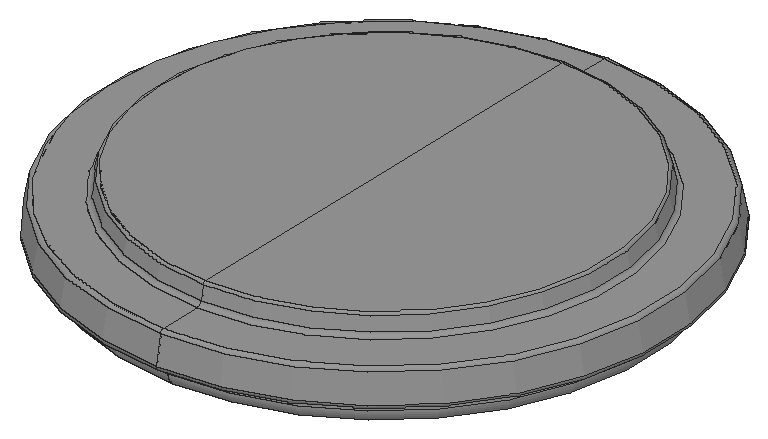
Revit family "FMK12_63_UN_Surface-mounted_ETK", category Lighting Fixtures, Revit 2017 (continued)
Definition of nested family "FMK.1 - Lightsource"
  Parameters (values of type "FMK.1109.10 - Ø250x48 / 12W")
      394.7084\t391.0909\t387.0552\r\n382.4227\t377.3501\t371.7125\t365.6289\t359.0797\t352.0101\t344.5153\t336.5336\t328.0834\t319.186\r\n310.0492\t300.3991\t290.6808\t280.0535\t269.1382\t257.6606\t245.9715\t234.0356\t221.994\t209.6474\r\n197.1639\t184.5242\t171.8904\t158.2648\t144.4077\t130.6839\t117.093\t103.3426\t89.5213\t76.4321\r\n62.9064\t50.3095\t38.9022\t28.6824\t0\t0\r\n405.3384\t405.5619\t405.0308\t404.1037\t402.4481\t400.3826\t397.8529\t394.7029\t391.0716\t386.9514\r\n382.295\t377.2986\t371.6562\t365.6032\t359.0556\t351.9937\t344.5103\t336.584\t328.1776\t319.3532\r\n310.0974\t300.3356\t290.3174\t279.8488\t269.1115\t258.1537\t246.5385\t234.5863\t222.1937\t209.6472\r\n196.9332\t184.0086\t170.9271\t157.807\t144.7993\t131.1715\t116.9912\t103.0076\t89.4388\t75.7848\r\n62.8691\t50.2334\t38.592\t27.1196\t0\t0\r\n405.3384\t405.5633\t405.0407\t404.1312\t402.6392\t400.4187\t397.881\t394.7292\t391.0895\t386.9644\r\n382.2746\t377.1648\t371.4996\t365.4693\t358.9878\t351.9131\t344.4464\t336.5353\t328.1318\t319.3478\r\n310.1011\t300.4485\t290.394\t279.9618\t269.1603\t257.9107\t246.3524\t234.5985\t222.4284\t210.1088\r\n197.3969\t184.1969\t170.8703\t157.4428\t143.9608\t130.43\t116.9468\t103.5478\t89.3098\t75.5778\r\n62.4619\t50.0702\t38.7502\t24.5387\t1.901\t0\r\n405.3384\t405.5636\t405.0466\t404.1492\t402.6681\t400.5955\t398.0664\t394.9307\t391.1454\t387.0248\r\n382.3139\t377.1828\t371.4901\t365.4554\t358.8567\t351.7264\t344.248\t336.3296\t327.9212\t319.2201\r\n309.9694\t300.3191\t290.2888\t279.8993\t269.135\t258.007\t246.5323\t234.736\t222.5462\t210.0919\r\n197.3723\t184.3271\t171.1345\t157.7225\t144.2137\t130.4595\t116.5463\t102.7293\t88.9906\t75.6756\r\n62.4842\t49.7099\t38.4108\t19.5388\t9.0852\t0\r\n405.3384\t405.5627\t405.0483\t404.1575\t402.6822\t400.6129\t398.0939\t394.9827\t391.3659\t387.2691\r\n382.55\t377.4142\t371.7081\t365.686\t358.9237\t351.7483\t344.2571\t336.3046\t327.8656\t319.0519\r\n309.7319\t300.073\t290.0393\t279.6352\t268.8689\t257.7186\t246.2608\t234.4573\t222.2884\t210.0107\r\n197.2602\t184.3582\t171.2221\t157.8358\t144.2992\t130.7043\t116.8944\t103.0094\t89.1137\t75.4482\r\n62.0725\t49.5077\t38.5681\t16.4085\t6.3848\t0\r\n405.3384\t405.5608\t405.0458\t404.1562\t402.6815\t400.6096\t398.0931\t394.9913\t391.3746\t387.2895\r\n382.5726\t377.4458\t371.7456\t365.7409\t359.116\t351.9176\t344.4382\t336.4672\t328.028\t319.2025\r\n309.8386\t300.1705\t290.1395\t279.7338\t268.942\t257.7639\t246.2815\t234.4244\t222.1929\t209.9028\r\n196.969\t184.0235\t170.8906\t157.4183\t143.9226\t130.2982\t116.5333\t102.7217\t88.9801\t75.3324\r\n62.0708\t49.4881\t37.8886\t16.6443\t6.3206\t4.5649\r\n405.3384\t405.5579\t405.0392\t404.1453\t402.6658\t400.5861\t398.064\t394.9565\t391.3223\t387.2272\r\n382.4989\t377.367\t371.656\t365.6345\t358.8616\t351.6754\t344.1767\t336.2087\t327.7721\t318.9511\r\n309.6246\t299.9461\t289.9153\t279.5013\t268.7141\t257.5244\t246.0492\t234.2476\t222.0584\t209.8057\r\n197.0631\t184.1389\t170.9819\t157.6062\t144.0805\t130.4305\t116.7655\t102.8872\t88.9857\t75.3165\r\n61.9974\t49.5022\t38.5004\t19.5133\t10.1573\t0\r\n405.3384\t405.5537\t405.0285\t404.1246\t402.6354\t400.5421\t398.006\t394.879\t391.057\t386.9398\r\n382.2102\t377.0886\t371.3854\t365.3521\t358.7336\t351.5762\t344.0881\t336.1427\t327.7345\t319.0228\r\n309.7484\t300.0828\t290.0448\t279.6173\t268.8275\t257.6208\t246.1171\t234.3028\t222.0743\t209.66\r\n196.8854\t183.8167\t170.5486\t157.0989\t143.5804\t129.9288\t116.1512\t102.4281\t88.8066\t75.5773\r\n62.493\t49.7093\t38.2595\t25.0307\t14.9589\t0\r\n405.3384\t405.5487\t405.0137\t404.0945\t402.5903\t400.3393\t397.7919\t394.6519\t390.9587\t386.8388\r\n382.1207\t377.0237\t371.3413\t365.3181\t358.8128\t351.6794\t344.2118\t336.2599\t327.8486\t319.0383\r\n309.7477\t300.0564\t289.9668\t279.4805\t268.6528\t257.2839\t245.7289\t233.9178\t221.7092\t209.3665\r\n196.5454\t183.3687\t170.0181\t156.5779\t143.1684\t129.7197\t116.3848\t103.1589\t88.9988\t75.3396\r\n62.3046\t50.0937\t38.8254\t28.0997\t2.873\t0\r\n405.3384\t405.5424\t404.9947\t404.055\t402.3835\t400.2776\t397.7298\t394.604\t390.8997\t386.7863\r\n382.0919\t377.1147\t371.4463\t365.407\t358.8101\t351.6735\t344.1847\t336.2129\t327.7678\t318.9134\r\n309.5687\t299.7567\t289.6031\t279.1338\t268.3599\t257.1899\t245.6509\t233.7994\t221.2737\t208.667\r\n195.8953\t182.9771\t169.8766\t156.7282\t143.8338\t130.2381\t116.1827\t102.4101\t88.9484\t75.4168\r\n62.7296\t50.3091\t39.1414\t29.704\t0\t0\r\n405.3384\t405.5351\t404.9716\t403.8532\t402.3311\t400.2301\t397.6855\t394.5908\t390.8787\t386.8617\r\n382.175\t377.112\t371.4367\t365.3594\t358.743\t351.6058\t344.0956\t336.0642\t327.5154\t318.5932\r\n309.2834\t299.6126\t289.6216\t279.1214\t268.1429\t256.518\t244.9018\t233.0679\t220.8676\t208.4546\r\n195.9224\t183.2678\t170.6349\t156.9081\t143.1149\t129.4264\t115.9638\t102.4748\t88.9243\t76.0325\r\n62.7599\t50.5163\t39.7576\t30.4051\t0\t0\r\n405.3384\t405.5268\t404.9446\t403.805\t402.2873\t400.1964\t397.6585\t394.6138\t390.9631\t386.846\r\n382.1518\t377.0764\t371.382\t365.2552\t358.5991\t351.4668\t343.8615\t335.8105\t327.4306\t318.7174\r\n309.3728\t299.5147\t288.9811\t278.3636\t267.4085\t256.1152\t244.6556\t232.9217\t220.9954\t208.7993\r\n196.6284\t183.2571\t169.7766\t156.2175\t142.8009\t129.5874\t115.8561\t102.4694\t89.5373\t75.801\r\n62.8374\t50.9146\t40.2047\t6.0894\t0\t0\r\n405.3384\t405.5175\t404.9137\t403.7611\t402.2519\t400.1761\t397.6486\t394.7553\t390.9488\t386.789\r\n382.1121\t377.0119\t371.2861\t365.1175\t358.3294\t351.2537\t343.813\t335.977\t327.5604\t318.4278\r\n308.6974\t298.7546\t288.5068\t277.9956\t267.1616\t256.1159\t244.8144\t233.2945\t221.7169\t208.8064\r\n195.7188\t182.5554\t169.3922\t156.2082\t142.9406\t129.1804\t115.9091\t102.9762\t89.1253\t75.8369\r\n63.1021\t51.3207\t40.5082\t0\t0\t0\r\n405.3384\t405.5071\t404.732\t403.7215\t402.2248\t400.1686\t397.7338\t394.8479\t390.8965\t386.7357\r\n382.0539\t376.9054\t371.1484\t364.8842\t358.2241\t351.4508\t343.9783\t335.7216\t326.8896\t317.6788\r\n308.2461\t298.3973\t288.3086\t277.939\t267.2925\t256.4485\t245.5245\t233.6216\t220.7985\t208.0817\r\n195.2276\t182.3754\t169.6036\t156.0708\t142.5048\t129.2499\t116.3261\t102.426\t89.0803\t75.9582\r\n63.4055\t51.6359\t45.2068\t0\t0\t0\r\n405.3384\t405.4958\t404.7008\t403.6862\t402.2055\t400.2642\t397.7241\t394.865\t390.8568\t386.6659\r\n381.976\t376.6726\t370.9429\t364.8366\t358.4087\t351.334\t343.5563\t334.9914\t326.3919\t317.3169\r\n308.0073\t298.2976\t288.3747\t278.1618\t267.7576\t257.0033\t244.8286\t232.6273\t220.2623\t207.8032\r\n195.2499\t182.6548\t169.1292\t155.7437\t142.619\t129.6789\t115.7028\t102.2394\t89.062\t76.0071\r\n63.5996\t51.8486\t11.6838\t0\t0\t0\r\n405.3384\t405.4834\t404.6711\t403.6553\t402.1936\t400.258\t397.6979\t394.8548\t390.809\t386.5801\r\n381.7953\t376.5628\t370.9021\t365.0558\t358.2517\t350.708\t342.8497\t334.6091\t326.0741\t317.1853\r\n307.9783\t298.4528\t288.6922\t278.8691\t267.9516\t256.0449\t244.1901\t232.1682\t220.074\t207.8676\r\n195.4583\t182.0264\t168.8523\t155.8456\t142.9997\t129.0282\t115.4645\t102.3448\t88.8812\t76.0111\r\n63.697\t51.9403\t0\t0\t0\t0\r\n405.3384\t405.4702\t404.6431\t403.6287\t402.2832\t400.2467\t397.6616\t394.8126\t390.7531\t386.4813\r\n381.7031\t376.5033\t371.0899\t364.866\t357.6417\t350.2384\t342.4952\t334.4178\t325.9215\t317.2094\r\n308.1434\t298.8419\t289.3001\t278.281\t266.9656\t255.5234\t243.8676\t232.0908\t220.4035\t207.9609\r\n194.7531\t181.8051\t168.927\t156.2326\t142.3126\t128.7065\t115.4865\t101.9757\t88.7309\t76.0048\r\n63.7421\t56.6766\t0\t0\t0\t0\r\n405.3384\t405.4561\t404.6167\t403.6076\t402.2769\t400.2274\t397.6166\t394.7349\t390.6867\t386.33\r\n381.656\t376.7279\t370.9169\t364.2502\t357.2389\t349.8681\t342.264\t334.3087\t325.9477\t317.3662\r\n308.4811\t299.3487\t288.5326\t277.6229\t266.5022\t255.2499\t243.8518\t232.5118\t220.0293\t207.2658\r\n194.5118\t181.8749\t169.3599\t155.551\t141.9034\t128.5853\t115.2093\t101.7082\t88.6305\t75.9892\r\n63.7506\t34.8823\t0\t0\t0\t0\r\n405.3384\t405.441\t404.5919\t403.5925\t402.2647\t400.2005\t397.5636\t394.6195\t390.511\t386.2918\r\n381.8682\t376.6329\t370.3868\t363.8318\t356.9304\t349.652\t342.1589\t334.2951\t326.1382\t317.7058\r\n308.9338\t298.5236\t287.9506\t277.1892\t266.2979\t255.2333\t244.3108\t232.0843\t219.5682\t206.9936\r\n194.5653\t182.2533\t168.7385\t155.1122\t141.7148\t128.5532\t114.8199\t101.4796\t88.5326\t75.9589\r\n63.7436\t0\t0\t0\t0\t0\r\n405.3384\t405.4251\t404.5685\t403.5817\t402.2465\t400.1668\t397.508\t394.4112\t390.4413\t386.2913\r\n381.8067\t376.4311\t370.0062\t363.505\t356.7156\t349.5603\t342.1638\t334.4401\t326.4674\t318.1326\r\n308.1103\t297.9214\t287.5762\t277.012\t266.3002\t255.6656\t243.832\t231.5923\t219.2864\t207.014\r\n194.9442\t181.7689\t168.1866\t154.8828\t141.8181\t128.0517\t114.4929\t101.2468\t88.4031\t75.8633\r\n69.485\t0\t0\t0\t0\t0\r\n405.3384\t405.2485\t404.5335\t403.6645\t402.2224\t400.1255\t397.475\t394.1709\t390.3989\t386.5385\r\n381.6223\t375.8443\t369.6864\t363.2614\t356.5777\t349.5494\t342.2587\t334.7322\t326.9154\t317.3685\r\n307.5367\t297.5489\t287.3558\t277.0195\t266.7127\t255.5088\t243.294\t231.2722\t219.2355\t207.2358\r\n194.7953\t181.1626\t167.9131\t154.7557\t141.4371\t127.7042\t114.2298\t101.0851\t88.2593\t75.7374\r\n52.566\t0\t0\t0\t0\t0\r\n405.3384\t405.2313\t404.5149\t403.6585\t402.1924\t400.0874\t397.4062\t394.0524\t390.3827\t386.4783\r\n381.347\t375.4965\t369.4174\t363.101\t356.5087\t349.625\t342.4702\t335.2626\t326.2434\t316.8153\r\n307.1624\t297.3178\t287.3215\t277.1874\t266.6991\t254.7569\t242.9726\t231.1253\t219.3601\t207.4539\r\n194.0571\t180.8106\t167.6988\t154.8237\t140.9526\t127.3463\t114.024\t100.9381\t88.1442\t75.6199\r\n8.3292\t0\t0\t0\t0\t0\r\n405.3384\t405.2143\t404.4979\t403.65\t402.1564\t400.0372\t397.3255\t393.9625\t390.6129\t386.3063\r\n380.8286\t375.1745\t369.2361\t363.0129\t356.5201\t349.7807\t343.0483\t335.0507\t325.7043\t316.3858\r\n306.914\t297.2339\t287.4377\t277.4576\t265.9553\t254.3844\t242.7811\t231.1938\t219.6917\t206.6946\r\n193.5598\t180.5774\t167.6861\t154.2617\t140.5223\t127.0588\t113.7914\t100.7972\t88.0366\t83.4326\r\n0\t0\t0\t0\t0\t0\r\n405.3384\t405.1978\t404.4825\t403.6384\t402.0911\t399.9817\t397.1408\t393.8852\t390.547\t386.0015\r\n380.5505\t374.9336\t369.1354\t362.9788\t356.6063\t350.0031\t343.0514\t334.2028\t325.2569\t316.0815\r\n306.771\t297.3248\t287.8218\t276.8308\t265.4808\t254.1562\t242.7619\t231.3645\t219.1669\t206.151\r\n193.2513\t180.4127\t167.6455\t153.7701\t140.1673\t126.7721\t113.5971\t100.6559\t87.9035\t73.2104\r\n0\t0\t0\t0\t0\t0\r\n405.3384\t405.1816\t404.4685\t403.6236\t402.0462\t399.9218\t397.0406\t393.8449\t390.4197\t385.4588\r\n380.303\t374.7523\t369.0481\t362.9941\t356.7556\t350.4899\t342.3766\t333.7323\t324.91\t315.93\r\n306.7423\t297.7012\t287.638\t276.3403\t265.2041\t254.0066\t242.8588\t231.5472\t218.5675\t205.791\r\n193.0312\t180.5339\t166.992\t153.2951\t139.8329\t126.5198\t113.4096\t100.488\t87.7644\t50.183\r\n0\t0\t0\t0\t0\t0\r\n405.3384\t405.1658\t404.4556\t403.605\t402.0047\t399.8587\t396.9678\t394.0484\t390.2485\t385.1764\r\n380.0833\t374.6292\t368.9744\t363.0772\t356.9562\t350.3807\t341.8775\t333.354\t324.6587\t315.8276\r\n306.8408\t297.6991\t286.865\t275.9921\t265.0466\t254.0282\t243.181\t230.8144\t218.1129\t205.4704\r\n192.95\t180.3241\t166.4787\t152.9016\t139.4897\t126.2465\t113.2069\t100.3244\t87.5932\t7.0091\r\n0\t0\t0\t0\t0\t0\r\n405.3384\t405.1736\t404.4436\t403.5723\t401.9608\t399.8075\t396.909\t394.0477\t390.0041\t384.9479\r\n379.8834\t374.551\t368.9703\t363.21\t357.4063\t349.6805\t341.4574\t333.0643\t324.521\t315.8139\r\n307.234\t297.0694\t286.4243\t275.712\t264.9568\t254.1683\t243.0001\t230.2308\t217.7563\t205.2779\r\n193.0318\t179.6139\t166.0256\t152.5274\t139.1851\t126.0071\t112.9942\t100.1243\t93.9816\t0\r\n0\t0\t0\t0\t0\t0\r\n405.3384\t405.1582\t404.4323\t403.5458\t401.9186\t399.7372\t396.864\t393.9692\t389.4676\t384.7303\r\n379.7002\t374.4837\t369.0179\t363.3474\t357.309\t349.2254\t341.1152\t332.8524\t324.4403\t315.899\r\n307.1158\t296.6023\t286.0655\t275.5201\t264.9227\t254.484\t242.2719\t229.8418\t217.4461\t205.1551\r\n192.8003\t179.0668\t165.548\t152.1467\t138.9029\t125.7703\t112.7705\t99.923\t81.4643\t0\r\n0\t0\t0\t0\t0\t0\r\n405.3384\t405.1427\t404.4215\t403.5172\t401.8789\t399.5738\t396.8307\t393.84\t389.2108\t384.5347\r\n379.5711\t374.4387\t369.0911\t363.8155\t356.9853\t348.8325\t340.836\t332.7132\t324.4347\t316.2659\r\n306.469\t296.1791\t285.8331\t275.4029\t264.9879\t254.1807\t241.7605\t229.4924\t217.282\t205.2627\r\n192.1131\t178.5645\t165.1154\t151.7836\t138.585\t125.5095\t112.5563\t99.7128\t60.9146\t0\r\n0\t0\t0\t0\t0\t0\r\n405.3384\t405.1268\t404.411\t403.4869\t401.8689\t399.5039\t396.8145\t393.6447\t388.9954\t384.3538\r\n379.4857\t374.4179\t369.1782\t363.8193\t356.2567\t348.5043\t340.6114\t332.606\t324.4985\t316.1813\r\n306.0112\t295.8319\t285.6355\t275.3934\t265.2495\t253.4097\t241.2878\t229.2124\t217.1097\t205.0994\r\n191.5675\t178.0818\t164.7012\t151.456\t138.2911\t125.2321\t112.3059\t99.4762\t16.2983\t0\r\n0\t0\t0\t0\t0\t0\r\n405.3384\t405.1108\t404.4903\t403.4555\t401.8237\t399.4103\t397.0305\t393.4442\t388.8336\t384.1754\r\n379.4075\t374.43\t369.2737\t363.6191\t355.8892\t348.234\t340.4491\t332.5491\t324.8276\t315.8567\r\n305.6102\t295.5819\t285.4934\t275.413\t265.0581\t252.9031\t240.9149\t228.9525\t217.0191\t204.6975\r\n191.0128\t177.6397\t164.3329\t151.1167\t137.9969\t124.9687\t112.062\t107.5917\t0.7007\t0\r\n0\t0\t0\t0\t0\t0\r\n405.3384\t405.0944\t404.4708\t403.4232\t401.771\t399.3535\t397.0169\t393.0022\t388.6496\t384.0408\r\n379.3374\t374.4627\t369.6852\t362.9627\t355.5698\t348.0061\t340.3388\t332.5584\t324.7942\t315.1398\r\n305.2951\t295.3698\t285.4247\t275.6825\t264.3367\t252.5037\t240.6145\t228.7679\t217.1002\t203.9238\r\n190.5367\t177.2097\t163.9532\t150.792\t137.717\t124.7302\t111.8063\t98.8725\t0\t0\r\n0\t0\t0\t0\t0\t0\r\n405.3384\t405.0776\t404.4545\t403.3908\t401.7101\t399.3099\t396.9567\t392.7976\t388.4495\t383.9609\r\n379.2847\t374.4998\t369.6843\t362.5741\t355.27\t347.8284\t340.249\t332.6102\t324.5858\t314.7295\r\n304.9935\t295.2193\t285.3785\t275.5735\t263.8563\t252.1042\t240.3755\t228.643\t216.8475\t203.3823\r\n190.0477\t176.7881\t163.6007\t150.4803\t137.4402\t124.4543\t111.5517\t85.0694\t0\t0\r\n0\t0\t0\t0\t0\t0\r\n405.3384\t405.0604\t404.4375\t403.3708\t401.6143\t399.2784\t396.8678\t392.6205\t388.286\t383.8712\r\n379.2482\t374.5384\t369.5416\t362.2694\t354.9882\t347.6747\t340.2311\t332.9204\t323.9709\t314.3815\r\n304.7666\t295.0886\t285.3921\t275.2484\t263.399\t251.7743\t240.1515\t228.5226\t216.4169\t202.8894\r\n189.6152\t176.4056\t163.2526\t150.1706\t137.1488\t124.1833\t111.2847\t67.3012\t0\t0\r\n0\t0\t0\t0\t0\t0\r\n405.3384\t405.0427\t404.4198\t403.3318\t401.5423\t399.2809\t396.7363\t392.489\t388.1443\t383.7593\r\n379.2585\t374.6007\t369.2833\t361.9708\t354.796\t347.5124\t340.2151\t332.8981\t323.5654\t314.0775\r\n304.5571\t295.0196\t285.6448\t274.5513\t263.0117\t251.4537\t239.942\t228.6113\t215.6596\t202.3901\r\n189.1856\t176.0419\t162.932\t149.883\t136.8857\t123.9284\t122.8764\t24.0819\t0\t0\r\n0\t0\t0\t0\t0\t0\r\n405.3384\t405.0244\t404.402\t403.293\t401.4733\t399.2445\t396.6121\t392.3366\t388.0271\t383.6686\r\n379.2507\t374.9702\t368.6448\t361.6732\t354.6081\t347.4237\t340.1562\t332.7313\t323.2268\t313.8119\r\n304.3844\t294.9379\t285.5233\t274.1363\t262.6612\t251.2131\t239.7592\t228.325\t215.0958\t201.9145\r\n188.7725\t175.6617\t162.5822\t149.5668\t136.5956\t123.6688\t120.5677\t9.957\t0\t0\r\n0\t0\t0\t0\t0\t0\r\n405.3384\t405.0054\t404.384\t403.2512\t401.3208\t399.1951\t396.4819\t392.1762\t387.9514\t383.5908\r\n379.2078\t374.9606\t368.3521\t361.3828\t354.4067\t347.3472\t340.1951\t332.3855\t322.9143\t313.5971\r\n304.2281\t294.8631\t285.2223\t273.7182\t262.3605\t251.0007\t239.6319\t227.9627\t214.5968\t201.4525\r\n188.3381\t175.2686\t162.2411\t149.2486\t136.2977\t123.3792\t114.9625\t0\t0\t0\r\n0\t0\t0\t0\t0\t0\r\n405.3384\t404.9858\t404.3663\t403.2062\t401.2807\t399.3352\t396.3671\t391.9995\t387.8556\t383.5414\r\n379.1954\t374.8369\t368.0781\t361.1669\t354.2081\t347.2392\t340.4601\t331.7946\t322.572\t313.375\r\n304.1344\t294.8515\t284.8364\t273.3137\t262.0496\t250.7828\t239.7394\t227.2719\t214.143\t201.0284\r\n187.957\t174.9188\t161.9031\t148.9358\t135.9942\t123.0935\t106.9167\t0\t0\t0\r\n0\t0\t0\t0\t0\t0\r\n405.3384\t404.9657\t404.3491\t403.137\t401.2259\t399.2718\t396.1988\t391.8626\t387.7249\t383.5318\r\n379.2046\t374.674\t367.8035\t360.9786\t354.0767\t347.1349\t340.3019\t331.4341\t322.3187\t313.1475\r\n303.9869\t295.0203\t284.1943\t272.9865\t261.7665\t250.5691\t239.5527\t226.7795\t213.6915\t200.6354\r\n187.5885\t174.5759\t161.5912\t148.6211\t135.6938\t122.7886\t97.1013\t0\t0\t0\r\n0\t0\t0\t0\t0\t0\r\n405.3384\t404.9447\t404.3643\t403.0908\t401.1696\t399.2115\t395.7381\t391.7602\t387.6137\t383.4745\r\n379.2433\t374.4878\t367.536\t360.7869\t353.9653\t347.0886\t340.1271\t331.0609\t322.0462\t312.9846\r\n303.8666\t294.8288\t283.7883\t272.6681\t261.5277\t250.3816\t239.2929\t226.2978\t213.2501\t200.2267\r\n187.218\t174.2303\t161.2676\t148.3254\t135.4154\t122.514\t86.1249\t0\t0\t0\r\n0\t0\t0\t0\t0\t0\r\n405.3384\t404.9229\t404.3466\t403.048\t401.1114\t399.1739\t395.5625\t391.6161\t387.5292\t383.3775\r\n379.2387\t374.3121\t367.2962\t360.5925\t353.8461\t347.0574\t339.9336\t330.7756\t321.7646\t312.7595\r\n303.7724\t294.6075\t283.4083\t272.337\t261.2567\t250.1906\t238.9891\t225.8589\t212.8415\t199.8294\r\n186.8583\t173.8966\t160.9568\t148.0252\t135.1175\t122.2164\t74.5102\t0\t0\t0\r\n0\t0\t0\t0\t0\t0\r\n405.3384\t404.9005\t404.3255\t403.009\t401.0339\t399.1156\t395.4146\t391.4309\t387.4243\t383.3208\r\n379.4976\t373.7544\t367.1078\t360.4023\t353.7011\t347.0017\t339.7099\t330.5052\t321.5623\t312.5965\r\n303.6305\t294.2656\t283.057\t272.0629\t261.0319\t250.0033\t238.6069\t225.4043\t212.4214\t199.4582\r\n186.5098\t173.5796\t160.6474\t147.7264\t134.8117\t134.8645\t35.7949\t0\t0\t0\r\n0\t0\t0\t0\t0\t0\r\n405.3384\t404.8772\t404.301\t402.9743\t400.978\t399.0523\t395.3086\t391.2952\t387.2858\t383.248\r\n379.4366\t373.4825\t366.884\t360.2677\t353.5976\t347.1681\t339.3917\t330.259\t321.3543\t312.4464\r\n303.5241\t293.9556\t282.7397\t271.7601\t260.7829\t249.8115\t238.199\t224.9904\t212.0355\t1
